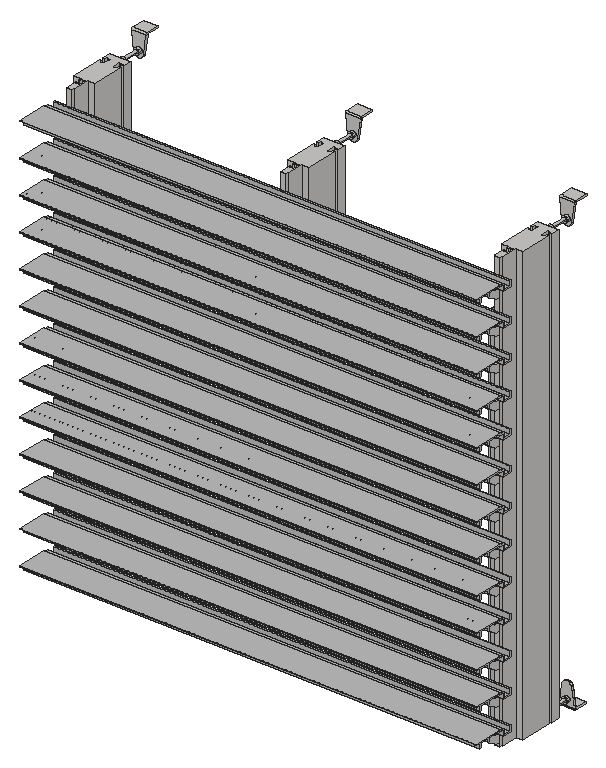
Revit family "Window_Shade-Draper-FlexLouver_Rack_Arm_System-Square", category Specialty Equipment, Revit 2013
Parameters (values of type "Not a Type - Load Type Catalog")
  LF Lcoation [instance] = (Height - Louver Location - 2 3/64") / (Louver Array - 1)  # 2 159/256"
  Width Constraint [instance] = if(and([50A Louver], Width > 180"), 180", if(and([80R Louver], Width > 196"), 196", if(or(and([75E Louver], [88E Louver]), Width > 240"), 240", Width)))  # 36"
  Width [instance] = 36"
  URL = "http://www.draperinc.com/index.asp"
  Standard Rack Arm Array [instance] = if(Width < 35 1/2", 2, if(and(Width > 35 1/2", Width < 70 1/2"), 3, if(and(Width > 70 1/2", Width < 105 1/2"), 4, if(and(Width > 105 1/2", Width < 140 1/2"), 5, if(Width > 140 1/2", 6, 2)))))  # 3
  Standard Rack Arm = no
  Rack Arms = Metal - Draper - Aluminum
  Product Page URL = "http://www.draperinc.com/SolarControlSolutions/solarProducts.asp?detail=238"
  Product Name = "FlexLouver Rack Arm System"  # constant formula
  Motorized Operation = no
  Model = "Square Rack Arm System"  # constant formula
  Material = ""
  Manufacturer = "Draper"  # constant formula
  Manual Operation = yes
  Louver Width = if([50A Louver], 1 15/16", if([75E Louver], 2 11/16", if([80R Louver], 3 1/8", if([88E Louver], 3 3/8", 1 15/16"))))  # 3 3/8"
  Louver Rotation [instance] = if(Open, 90.00°, 0.00°)  # 90.00°
  Louver Location = if([50A Louver], 1 3/4", if([75E Louver], 2 1/2", if([80R Louver], 2 1/4", if([88E Louver], 2 1/2", 2 1/2"))))  # 2 1/2"
  Louver Finish Note = "The 50A Louvers and 80R Louvers are available in the Silver or White Finish.  The 75E Louvers and 88E Louvers are available in the Natural Anodized or RAL Finish."  # constant formula
  Louver Bracket Location = if(Standard Rack Arm, 1 31/32", if(Heavy Duty Rack Arm, 4 1/4", if(Box Rack Arm, 5 1/16", 1 31/32")))  # 5 1/16"
  Louver Array 2 [instance] = Louver Array - 1  # 12
  Louver Array [instance] = (Height - 2 13/256" - Louver Location) / Louver Location  # 13
  Louver = Metal - Draper -Aluminum - Silver
  Open [instance] = yes
  LI Location = if([50A Louver], 1 15/16", if([75E Louver], 2 15/16", if([80R Louver], 3 1/8", if([88E Louver], 3 3/8", 1 15/16"))))  # 3 3/8"
  Height Constraint [instance] = if(and([50A Louver], Height > 240"), 240", if(and([80R Louver], Open, Height > 236"), 236", if(and([80R Louver], Closed, Height > 196"), 196", if(or(and([75E Louver], [88E Louver]), Height > 180"), 180", Height))))  # 36"
  Height [instance] = 36"
  Heavy Duty Rack Arm = no
  Closed [instance] = not(Open)  # no
  Description = "Non-Retractable Louver System"  # constant formula
  Box Rack Arm = yes
  88E Louver = yes
  80R Louver = no
  75E Louver = no
  50A Louver = no
Reference planes (in)
  plane 1 "Center (Front/Back)": y = 0
  plane 2: z = 0
  plane 3 "Center (Left/Right)": x = 0
  plane 4 "Left": x = -16.88618
  plane 5 "Right": x = 16.88618
  plane 6 "Back": y = 3
  plane 7 "Top": z = 36
  plane 8: z = 18
  plane 9: y = 1.8189
  plane 10: x = -17.46875
  plane 11: x = -16.3036
  plane 12: x = 17.46875
  plane 13: x = 16.3036
  plane 14: x = -18
  plane 15: x = 18
  plane 16: z = 1.38
  plane 17: z = 34.62205
  plane 18: y = -3.21216
  plane 19: z = 2.05073
  plane 20: y = -5.0625
  plane 21: y = -6.78125
  plane 22: x = -17.04243
  plane 23: x = 16.72993
  plane 24: z = 0.625
  plane 25: z = 33.5
  plane 26: z = 4.56285
  plane 27: z = 30.87891
Lines and regions (in)
  Masking region 1
    outline origin (0, 0, 0) x (1, 0, 0) y (0, 1, 0)
      loop
        line (-17.46875, 3) -> (-17.46875, 1.8189) -> (-16.3036, 1.8189) -> (-16.3036, 3) -> (-17.46875, 3)
  Masking region 2
    outline origin (0, 0, 0) x (1, 0, 0) y (0, 1, 0)
      loop
        line (-17.11055, 1.8189) -> (-17.11055, 1.57694) -> (-16.99637, 1.57694) -> (-16.99637, 0.25196) -> (-17.11055, 0.25196) -> (-17.11055, 0) -> (-16.6618, 0) -> (-16.6618, 0.25196) -> (-16.77598, 0.25196) -> (-16.77598, 1.57694) -> (-16.6618, 1.57694) -> (-16.6618, 1.8189) -> (-17.11055, 1.8189)
  Masking region 3, visible <- "Heavy Duty Rack Arm"
    outline origin (0, 0, 0) x (1, 0, 0) y (0, 1, 0)
      loop
        line (-17.30893, -0.0961) -> (-17.30893, -0.46243) -> (-16.93651, -0.46243) -> (-16.93651, -2.27297) -> (-17.43651, -2.27297) -> (-17.43651, -2.37847) -> (-16.93651, -2.37847) -> (-16.93651, -2.75313) -> (-17.11456, -2.75313) -> (-17.11456, -2.97103) -> (-17.01098, -2.97103) -> (-17.01098, -2.83465) -> (-16.74203, -2.83465) -> (-16.74203, -3.39843) -> (-17.01098, -3.39843) -> (-17.01098, -3.28893) -> (-17.11456, -3.28893) -> (-17.11456, -4.11946) -> (-17.06277, -4.11946) -> (-17.06277, -4.24036) -> (-16.68551, -4.24036) -> (-16.68551, -4.0341) -> (-16.629, -4.0341) -> (-16.629, -2.75313) -> (-16.83584, -2.75313) -> (-16.83584, -2.37847) -> (-16.33584, -2.37847) -> (-16.33584, -2.27297) -> (-16.83584, -2.27297) -> (-16.83584, -0.46243) -> (-16.46342, -0.46243) -> (-16.46342, -0.0961) -> (-16.36355, -0.0961) -> (-16.36355, 0) -> (-17.4088, 0) -> (-17.4088, -0.0961) -> (-17.30893, -0.0961)
  Masking region 4, visible <- "Standard Rack Arm"
    outline origin (0, 0, 0) x (1, 0, 0) y (0, 1, 0)
      loop
        line (-16.46342, -0.46243) -> (-16.46342, -0.0961) -> (-16.36355, -0.0961) -> (-16.36355, 0) -> (-17.4088, 0) -> (-17.4088, -0.0961) -> (-17.30893, -0.0961) -> (-17.30893, -0.46243) -> (-17.11456, -0.46243) -> (-17.11456, -0.68033) -> (-17.01098, -0.68033) -> (-17.01098, -0.54395) -> (-16.74203, -0.54395) -> (-16.74203, -1.10773) -> (-17.01098, -1.10773) -> (-17.01098, -0.99823) -> (-17.11456, -0.99823) -> (-17.11456, -1.84864) -> (-17.06277, -1.84864) -> (-17.06277, -1.97364) -> (-16.68965, -1.97364) -> (-16.68965, -1.7434) -> (-16.629, -1.7434) -> (-16.629, -0.46243) -> (-16.46342, -0.46243)
  Masking region 5, visible <- "Box Rack Arm"
    outline origin (0, 0, 0) x (1, 0, 0) y (0, 1, 0)
      loop
        line (-16.06964, -0.71453) -> (-16.06964, 0) -> (-17.70271, 0) -> (-17.70271, -0.71453) -> (-17.52283, -0.71453) -> (-17.52283, -0.59319) -> (-17.27283, -0.59319) -> (-17.27283, -1.1318) -> (-17.54509, -1.1318) -> (-17.54509, -1.01365) -> (-17.70271, -1.01365) -> (-17.70271, -3.58367) -> (-17.11456, -3.58367) -> (-17.11456, -3.80157) -> (-17.01098, -3.80157) -> (-17.01098, -3.66518) -> (-16.74203, -3.66518) -> (-16.74203, -4.22896) -> (-17.01098, -4.22896) -> (-17.01098, -4.11946) -> (-17.11456, -4.11946) -> (-17.11456, -4.96987) -> (-17.06277, -4.96987) -> (-17.06277, -5.0709) -> (-16.68551, -5.0709) -> (-16.68551, -4.86464) -> (-16.629, -4.86464) -> (-16.629, -3.58367) -> (-16.06964, -3.58367) -> (-16.06964, -1.01365) -> (-16.22726, -1.01365) -> (-16.22726, -1.1318) -> (-16.49952, -1.1318) -> (-16.49952, -0.59319) -> (-16.24952, -0.59319) -> (-16.24952, -0.71453) -> (-16.06964, -0.71453)
  Masking region 6
    outline origin (33.77235, 0, 0) x (1, 0, 0) y (0, 1, 0)
      loop
        line (-17.46875, 3) -> (-17.46875, 1.8189) -> (-16.3036, 1.8189) -> (-16.3036, 3) -> (-17.46875, 3)
  Masking region 7
    outline origin (33.77235, 0, 0) x (1, 0, 0) y (0, 1, 0)
      loop
        line (-17.11055, 1.8189) -> (-17.11055, 1.57694) -> (-16.99637, 1.57694) -> (-16.99637, 0.25196) -> (-17.11055, 0.25196) -> (-17.11055, 0) -> (-16.6618, 0) -> (-16.6618, 0.25196) -> (-16.77598, 0.25196) -> (-16.77598, 1.57694) -> (-16.6618, 1.57694) -> (-16.6618, 1.8189) -> (-17.11055, 1.8189)
  Masking region 8, visible <- "Heavy Duty Rack Arm"
    outline origin (33.77235, 0, 0) x (1, 0, 0) y (0, 1, 0)
      loop
        line (-17.30893, -0.0961) -> (-17.30893, -0.46243) -> (-16.93651, -0.46243) -> (-16.93651, -2.27297) -> (-17.43651, -2.27297) -> (-17.43651, -2.37847) -> (-16.93651, -2.37847) -> (-16.93651, -2.75313) -> (-17.11456, -2.75313) -> (-17.11456, -2.97103) -> (-17.01098, -2.97103) -> (-17.01098, -2.83465) -> (-16.74203, -2.83465) -> (-16.74203, -3.39843) -> (-17.01098, -3.39843) -> (-17.01098, -3.28893) -> (-17.11456, -3.28893) -> (-17.11456, -4.11946) -> (-17.06277, -4.11946) -> (-17.06277, -4.24036) -> (-16.68551, -4.24036) -> (-16.68551, -4.0341) -> (-16.629, -4.0341) -> (-16.629, -2.75313) -> (-16.83584, -2.75313) -> (-16.83584, -2.37847) -> (-16.33584, -2.37847) -> (-16.33584, -2.27297) -> (-16.83584, -2.27297) -> (-16.83584, -0.46243) -> (-16.46342, -0.46243) -> (-16.46342, -0.0961) -> (-16.36355, -0.0961) -> (-16.36355, 0) -> (-17.4088, 0) -> (-17.4088, -0.0961) -> (-17.30893, -0.0961)
  Masking region 9, visible <- "Standard Rack Arm"
    outline origin (33.77235, 0, 0) x (1, 0, 0) y (0, 1, 0)
      loop
        line (-16.46342, -0.46243) -> (-16.46342, -0.0961) -> (-16.36355, -0.0961) -> (-16.36355, 0) -> (-17.4088, 0) -> (-17.4088, -0.0961) -> (-17.30893, -0.0961) -> (-17.30893, -0.46243) -> (-17.11456, -0.46243) -> (-17.11456, -0.68033) -> (-17.01098, -0.68033) -> (-17.01098, -0.54395) -> (-16.74203, -0.54395) -> (-16.74203, -1.10773) -> (-17.01098, -1.10773) -> (-17.01098, -0.99823) -> (-17.11456, -0.99823) -> (-17.11456, -1.84864) -> (-17.06277, -1.84864) -> (-17.06277, -1.97364) -> (-16.68965, -1.97364) -> (-16.68965, -1.7434) -> (-16.629, -1.7434) -> (-16.629, -0.46243) -> (-16.46342, -0.46243)
  Masking region 10, visible <- "Box Rack Arm"
    outline origin (33.77235, 0, 0) x (1, 0, 0) y (0, 1, 0)
      loop
        line (-16.06964, -0.71453) -> (-16.06964, 0) -> (-17.70271, 0) -> (-17.70271, -0.71453) -> (-17.52283, -0.71453) -> (-17.52283, -0.59319) -> (-17.27283, -0.59319) -> (-17.27283, -1.1318) -> (-17.54509, -1.1318) -> (-17.54509, -1.01365) -> (-17.70271, -1.01365) -> (-17.70271, -3.58367) -> (-17.11456, -3.58367) -> (-17.11456, -3.80157) -> (-17.01098, -3.80157) -> (-17.01098, -3.66518) -> (-16.74203, -3.66518) -> (-16.74203, -4.22896) -> (-17.01098, -4.22896) -> (-17.01098, -4.11946) -> (-17.11456, -4.11946) -> (-17.11456, -4.96987) -> (-17.06277, -4.96987) -> (-17.06277, -5.0709) -> (-16.68551, -5.0709) -> (-16.68551, -4.86464) -> (-16.629, -4.86464) -> (-16.629, -3.58367) -> (-16.06964, -3.58367) -> (-16.06964, -1.01365) -> (-16.22726, -1.01365) -> (-16.22726, -1.1318) -> (-16.49952, -1.1318) -> (-16.49952, -0.59319) -> (-16.24952, -0.59319) -> (-16.24952, -0.71453) -> (-16.06964, -0.71453)
  Masking region 11
    outline origin (16.88618, 0, 0) x (1, 0, 0) y (0, 1, 0)
      loop
        line (-17.46875, 3) -> (-17.46875, 1.8189) -> (-16.3036, 1.8189) -> (-16.3036, 3) -> (-17.46875, 3)
  Masking region 12
    outline origin (16.88618, 0, 0) x (1, 0, 0) y (0, 1, 0)
      loop
        line (-17.11055, 1.8189) -> (-17.11055, 1.57694) -> (-16.99637, 1.57694) -> (-16.99637, 0.25196) -> (-17.11055, 0.25196) -> (-17.11055, 0) -> (-16.6618, 0) -> (-16.6618, 0.25196) -> (-16.77598, 0.25196) -> (-16.77598, 1.57694) -> (-16.6618, 1.57694) -> (-16.6618, 1.8189) -> (-17.11055, 1.8189)
  Masking region 13, visible <- "Heavy Duty Rack Arm"
    outline origin (16.88618, 0, 0) x (1, 0, 0) y (0, 1, 0)
      loop
        line (-17.30893, -0.0961) -> (-17.30893, -0.46243) -> (-16.93651, -0.46243) -> (-16.93651, -2.27297) -> (-17.43651, -2.27297) -> (-17.43651, -2.37847) -> (-16.93651, -2.37847) -> (-16.93651, -2.75313) -> (-17.11456, -2.75313) -> (-17.11456, -2.97103) -> (-17.01098, -2.97103) -> (-17.01098, -2.83465) -> (-16.74203, -2.83465) -> (-16.74203, -3.39843) -> (-17.01098, -3.39843) -> (-17.01098, -3.28893) -> (-17.11456, -3.28893) -> (-17.11456, -4.11946) -> (-17.06277, -4.11946) -> (-17.06277, -4.24036) -> (-16.68551, -4.24036) -> (-16.68551, -4.0341) -> (-16.629, -4.0341) -> (-16.629, -2.75313) -> (-16.83584, -2.75313) -> (-16.83584, -2.37847) -> (-16.33584, -2.37847) -> (-16.33584, -2.27297) -> (-16.83584, -2.27297) -> (-16.83584, -0.46243) -> (-16.46342, -0.46243) -> (-16.46342, -0.0961) -> (-16.36355, -0.0961) -> (-16.36355, 0) -> (-17.4088, 0) -> (-17.4088, -0.0961) -> (-17.30893, -0.0961)
  Masking region 14, visible <- "Standard Rack Arm"
    outline origin (16.88618, 0, 0) x (1, 0, 0) y (0, 1, 0)
      loop
        line (-16.46342, -0.46243) -> (-16.46342, -0.0961) -> (-16.36355, -0.0961) -> (-16.36355, 0) -> (-17.4088, 0) -> (-17.4088, -0.0961) -> (-17.30893, -0.0961) -> (-17.30893, -0.46243) -> (-17.11456, -0.46243) -> (-17.11456, -0.68033) -> (-17.01098, -0.68033) -> (-17.01098, -0.54395) -> (-16.74203, -0.54395) -> (-16.74203, -1.10773) -> (-17.01098, -1.10773) -> (-17.01098, -0.99823) -> (-17.11456, -0.99823) -> (-17.11456, -1.84864) -> (-17.06277, -1.84864) -> (-17.06277, -1.97364) -> (-16.68965, -1.97364) -> (-16.68965, -1.7434) -> (-16.629, -1.7434) -> (-16.629, -0.46243) -> (-16.46342, -0.46243)
  Masking region 15, visible <- "Box Rack Arm"
    outline origin (16.88618, 0, 0) x (1, 0, 0) y (0, 1, 0)
      loop
        line (-16.06964, -0.71453) -> (-16.06964, 0) -> (-17.70271, 0) -> (-17.70271, -0.71453) -> (-17.52283, -0.71453) -> (-17.52283, -0.59319) -> (-17.27283, -0.59319) -> (-17.27283, -1.1318) -> (-17.54509, -1.1318) -> (-17.54509, -1.01365) -> (-17.70271, -1.01365) -> (-17.70271, -3.58367) -> (-17.11456, -3.58367) -> (-17.11456, -3.80157) -> (-17.01098, -3.80157) -> (-17.01098, -3.66518) -> (-16.74203, -3.66518) -> (-16.74203, -4.22896) -> (-17.01098, -4.22896) -> (-17.01098, -4.11946) -> (-17.11456, -4.11946) -> (-17.11456, -4.96987) -> (-17.06277, -4.96987) -> (-17.06277, -5.0709) -> (-16.68551, -5.0709) -> (-16.68551, -4.86464) -> (-16.629, -4.86464) -> (-16.629, -3.58367) -> (-16.06964, -3.58367) -> (-16.06964, -1.01365) -> (-16.22726, -1.01365) -> (-16.22726, -1.1318) -> (-16.49952, -1.1318) -> (-16.49952, -0.59319) -> (-16.24952, -0.59319) -> (-16.24952, -0.71453) -> (-16.06964, -0.71453)
  Masking region 16
    outline origin (-0.00071, 0, 0) x (1, 0, 0) y (0, 1, 0)
      loop
        line (-17.04172, -5.81312) -> (-16.77719, -5.81312) -> (-16.72993, -5.0625) -> (-17.04172, -5.0625) -> (-17.04172, -5.81312)
  Masking region 17
    outline origin (33.77164, 0, 0) x (1, 0, 0) y (0, 1, 0)
      loop
        line (-17.04172, -5.81312) -> (-16.77719, -5.81312) -> (-16.72993, -5.0625) -> (-17.04172, -5.0625) -> (-17.04172, -5.81312)
  Masking region 18
    outline origin (16.88547, 0, 0) x (1, 0, 0) y (0, 1, 0)
      loop
        line (-17.04172, -5.81312) -> (-16.77719, -5.81312) -> (-16.72993, -5.0625) -> (-17.04172, -5.0625) -> (-17.04172, -5.81312)
  Masking region 19
    outline origin (0, 0, 0) x (1, 0, 0) y (0, 1, 0)
      loop
        line (-18, -5.09375) -> (-18, -8.46875) -> (18, -8.46875) -> (18, -5.09375) -> (-18, -5.09375)
Dimensions and locks (in)
  "Height Constraint": plane 7 "Top" to plane 2
  equal spacing: plane 7 "Top", plane 8, plane 2
  plane 6 "Back" to plane 9 to plane 1 "Center (Front/Back)" = 1.1811" locked, 1.8189" locked
  plane 10 to plane 4 "Left" to plane 11 = 0.58257" locked, 0.58257" locked
  plane 13 to plane 5 "Right" to plane 12 = 0.58257" locked, 0.58257" locked
  locked: plane 14 to plane 10 at 0.53125
  locked: plane 12 to plane 15 at 0.53125
  "Width Constraint": plane 14 to plane 15
  equal spacing: plane 14, plane 3 "Center (Left/Right)", plane 15
  locked: plane 16 to plane 2 at 1.38
  locked: plane 1 "Center (Front/Back)" to plane 18 at 3.21216
  locked: plane 16 to plane 19 at 0.67073
  "Louver Bracket Location": plane 1 "Center (Front/Back)" to plane 20
  locked: plane 20 to plane 21 at 1.71875
  locked: Masking region 1 sketch curve to Masking region 1 sketch curve at 1.16515
  locked: Masking region 1 sketch curve to Masking region 1 sketch curve at 1.1811
  locked: Masking region 6 sketch curve to Masking region 6 sketch curve at 1.16515
  locked: Masking region 6 sketch curve to Masking region 6 sketch curve at 1.1811
  equal spacing: group 1, group 3, group 2  (x3)
  locked: Masking region 11 sketch curve to Masking region 11 sketch curve at 1.16515
  locked: Masking region 11 sketch curve to Masking region 11 sketch curve at 1.1811
  equal spacing: group 4, group 6, group 5  (x3)
  equal spacing: Masking region 19 sketch curve, plane 21, Masking region 19 sketch curve
  "Louver Width": Masking region 19 sketch curve to Masking region 19 sketch curve
  plane 14 to plane 10 = 17/32"
  plane 10 to plane 4 "Left" = 0.58257"
  plane 13 to plane 15 = 1.6964"
  plane 13 to plane 5 "Right" = 0.58257"
  locked: plane 10 to plane 22 at 0.42632
  locked: plane 13 to plane 23 at 0.42632
  locked: plane 24 to plane 2 at 0.625
  equal spacing: group 7, group 9, group 8  (x3)
  "Louver Location": plane 7 "Top" to plane 25
  plane 2 to plane 19 = 2.05073"
  equal spacing: group 10, group 12, group 13, group 14, group 15, group 16, group 17, group 18, group 19, group 20, group 21, group 11  (x3)
  "LF Lcoation": plane 25 to plane 27
  equal spacing: group 22, group 24, group 23  (x3)
  aligned and locked: level to plane 2
  aligned and locked: plane 20 to Masking region 16
  aligned and locked: plane 20 to Masking region 17
  aligned and locked: Masking region 19 sketch curve to plane 15
  aligned and locked: plane 14 to Masking region 19 sketch curve
  aligned and locked: plane 10 to Masking region 1
  aligned and locked: plane 12 to Masking region 6
  aligned and locked: plane 22 to Masking region 16
  aligned and locked: plane 23 to Masking region 17
  aligned and locked: nested 1 to plane 1 "Center (Front/Back)"
  aligned and locked: nested 1 to plane 4 "Left"
  aligned and locked: nested 2 to plane 1 "Center (Front/Back)"
  aligned and locked: plane 2 to nested 2
  aligned and locked: nested 2 to plane 4 "Left"
  aligned and locked: nested 3 to plane 5 "Right"
  aligned and locked: plane 3 "Center (Left/Right)" to nested 5
  aligned and locked: plane 21 to nested 5
  aligned and locked: nested 5 to plane 19
  aligned and locked: plane 21 to nested 6
  aligned and locked: plane 27 to nested 6
  aligned and locked: plane 25 to nested 17
  aligned and locked: plane 21 to nested 17
  aligned and locked: plane 3 "Center (Left/Right)" to nested 17
  aligned and locked: nested 18 to plane 5 "Right"
  aligned and locked: plane 2 to nested 18
Automatic sketch dimensions
  Masking region 2 sketch curve to Masking region 2 sketch curve = 0.11418"  (x3)
  Masking region 2 sketch curve to Masking region 2 sketch curve = 0"  (x2)
  Masking region 2 sketch curve to Masking region 2 sketch curve = 0.24196"  (x2)
  Masking region 2 sketch curve to Masking region 2 sketch curve = 0.22039"
  Masking region 2 sketch curve to Masking region 2 sketch curve = 0.25196"
  Masking region 2 sketch curve to Masking region 2 sketch curve = 1.32498"
  Masking region 3 sketch curve to Masking region 3 sketch curve = 0.02771"
  Masking region 3 sketch curve to Masking region 3 sketch curve = 0.09987"  (x2)
  Masking region 3 sketch curve to Masking region 3 sketch curve = 0.32195"
  Masking region 3 sketch curve to Masking region 3 sketch curve = 0"  (x3)
  Masking region 3 sketch curve to Masking region 3 sketch curve = 0.05179"
  Masking region 3 sketch curve to Masking region 3 sketch curve = 0.10358"  (x2)
  Masking region 3 sketch curve to Masking region 3 sketch curve = 0.37242"  (x2)
  Masking region 3 sketch curve to Masking region 3 sketch curve = 0.07448"
  Masking region 3 sketch curve to Masking region 3 sketch curve = 0.10066"  (x2)
  Masking region 3 sketch curve to Masking region 3 sketch curve = 0.09381"
  Masking region 3 sketch curve to Masking region 3 sketch curve = 0.37726"
  Masking region 3 sketch curve to Masking region 3 sketch curve = 0.05652"
  Masking region 3 sketch curve to Masking region 3 sketch curve = 0.29315"
  Masking region 3 sketch curve to Masking region 3 sketch curve = 0.1209"
  Masking region 3 sketch curve to Masking region 3 sketch curve = 0.20626"
  Masking region 3 sketch curve to Masking region 3 sketch curve = 0.63568"
  Masking region 3 sketch curve to Masking region 3 sketch curve = 0.1095"
  Masking region 3 sketch curve to Masking region 3 sketch curve = 0.3179"
  Masking region 3 sketch curve to Masking region 3 sketch curve = 0.13639"
  Masking region 3 sketch curve to Masking region 3 sketch curve = 0.08151"  (x2)
  Masking region 3 sketch curve to Masking region 3 sketch curve = 0.37466"  (x2)
  Masking region 3 sketch curve to Masking region 3 sketch curve = 0.1055"
  Masking region 3 sketch curve to Masking region 3 sketch curve = 1.81054"
  Masking region 3 sketch curve to Masking region 3 sketch curve = 0.36633"  (x2)
  Masking region 3 sketch curve to Masking region 3 sketch curve = 0.0961"
  Masking region 4 sketch curve to Masking region 4 sketch curve = 0.09987"  (x2)
  Masking region 4 sketch curve to Masking region 4 sketch curve = 0.19437"  (x2)
  Masking region 4 sketch curve to Masking region 4 sketch curve = 0.05179"
  Masking region 4 sketch curve to Masking region 4 sketch curve = 0.10358"  (x2)
  Masking region 4 sketch curve to Masking region 4 sketch curve = 0.26895"
  Masking region 4 sketch curve to Masking region 4 sketch curve = 0.37313"
  Masking region 4 sketch curve to Masking region 4 sketch curve = 0.11304"
  Masking region 4 sketch curve to Masking region 4 sketch curve = 0.16558"
  Masking region 4 sketch curve to Masking region 4 sketch curve = 1/8"
  Masking region 4 sketch curve to Masking region 4 sketch curve = 0.23023"
  Masking region 4 sketch curve to Masking region 4 sketch curve = 0.63568"
  Masking region 4 sketch curve to Masking region 4 sketch curve = 0.1095"
  Masking region 4 sketch curve to Masking region 4 sketch curve = 0.3179"
  Masking region 4 sketch curve to Masking region 4 sketch curve = 0.13639"
  Masking region 4 sketch curve to Masking region 4 sketch curve = 0.08151"  (x2)
  Masking region 4 sketch curve to Masking region 4 sketch curve = 0.36633"  (x2)
  Masking region 4 sketch curve to Masking region 4 sketch curve = 0.0961"
  Masking region 5 sketch curve to Masking region 5 sketch curve = 0.05179"
  Masking region 5 sketch curve to Masking region 5 sketch curve = 0.10358"  (x2)
  Masking region 5 sketch curve to Masking region 5 sketch curve = 0.11304"
  Masking region 5 sketch curve to Masking region 5 sketch curve = 0.15762"  (x2)
  Masking region 5 sketch curve to Masking region 5 sketch curve = 0.63568"
  Masking region 5 sketch curve to Masking region 5 sketch curve = 0.1095"
  Masking region 5 sketch curve to Masking region 5 sketch curve = 0.3179"
  Masking region 5 sketch curve to Masking region 5 sketch curve = 0.13639"
  Masking region 5 sketch curve to Masking region 5 sketch curve = 0.08151"  (x2)
  Masking region 5 sketch curve to Masking region 5 sketch curve = 0"  (x3)
  Masking region 5 sketch curve to Masking region 5 sketch curve = 0.11814"  (x2)
  Masking region 5 sketch curve to Masking region 5 sketch curve = 0.29913"  (x2)
  Masking region 5 sketch curve to Masking region 5 sketch curve = 0.12133"  (x2)
  Masking region 5 sketch curve to Masking region 5 sketch curve = 0.17988"  (x2)
  Masking region 5 sketch curve to Masking region 5 sketch curve = 0.27226"  (x2)
  Masking region 5 sketch curve to Masking region 5 sketch curve = 0.58815"
  Masking region 5 sketch curve to Masking region 5 sketch curve = 0.26895"
  Masking region 5 sketch curve to Masking region 5 sketch curve = 0.05652"
  Masking region 5 sketch curve to Masking region 5 sketch curve = 0.77331"
  Masking region 5 sketch curve to Masking region 5 sketch curve = 1/4"
  Masking region 5 sketch curve to Masking region 5 sketch curve = 0.10102"
  Masking region 5 sketch curve to Masking region 5 sketch curve = 0.20626"
  Masking region 5 sketch curve to Masking region 5 sketch curve = 2.45187"
  Masking region 5 sketch curve to Masking region 5 sketch curve = 0.59319"
  Masking region 7 sketch curve to Masking region 7 sketch curve = 0.11418"  (x3)
  Masking region 7 sketch curve to Masking region 7 sketch curve = 0"  (x2)
  Masking region 7 sketch curve to Masking region 7 sketch curve = 0.24196"  (x2)
  Masking region 7 sketch curve to Masking region 7 sketch curve = 0.22039"
  Masking region 7 sketch curve to Masking region 7 sketch curve = 0.25196"
  Masking region 7 sketch curve to Masking region 7 sketch curve = 1.32498"
  Masking region 8 sketch curve to Masking region 8 sketch curve = 0.02771"
  Masking region 8 sketch curve to Masking region 8 sketch curve = 0.09987"  (x2)
  Masking region 8 sketch curve to Masking region 8 sketch curve = 0.32195"
  Masking region 8 sketch curve to Masking region 8 sketch curve = 0"  (x3)
  Masking region 8 sketch curve to Masking region 8 sketch curve = 0.05179"
  Masking region 8 sketch curve to Masking region 8 sketch curve = 0.10358"  (x2)
  Masking region 8 sketch curve to Masking region 8 sketch curve = 0.37242"  (x2)
  Masking region 8 sketch curve to Masking region 8 sketch curve = 0.07448"
  Masking region 8 sketch curve to Masking region 8 sketch curve = 0.10066"  (x2)
  Masking region 8 sketch curve to Masking region 8 sketch curve = 0.09381"
  Masking region 8 sketch curve to Masking region 8 sketch curve = 0.37726"
  Masking region 8 sketch curve to Masking region 8 sketch curve = 0.05652"
  Masking region 8 sketch curve to Masking region 8 sketch curve = 0.29315"
  Masking region 8 sketch curve to Masking region 8 sketch curve = 0.1209"
  Masking region 8 sketch curve to Masking region 8 sketch curve = 0.20626"
  Masking region 8 sketch curve to Masking region 8 sketch curve = 0.63568"
  Masking region 8 sketch curve to Masking region 8 sketch curve = 0.1095"
  Masking region 8 sketch curve to Masking region 8 sketch curve = 0.3179"
  Masking region 8 sketch curve to Masking region 8 sketch curve = 0.13639"
  Masking region 8 sketch curve to Masking region 8 sketch curve = 0.08151"  (x2)
  Masking region 8 sketch curve to Masking region 8 sketch curve = 0.37466"  (x2)
  Masking region 8 sketch curve to Masking region 8 sketch curve = 0.1055"
  Masking region 8 sketch curve to Masking region 8 sketch curve = 1.81054"
  Masking region 8 sketch curve to Masking region 8 sketch curve = 0.36633"  (x2)
  Masking region 8 sketch curve to Masking region 8 sketch curve = 0.0961"
  Masking region 9 sketch curve to Masking region 9 sketch curve = 0.09987"  (x2)
  Masking region 9 sketch curve to Masking region 9 sketch curve = 0.19437"  (x2)
  Masking region 9 sketch curve to Masking region 9 sketch curve = 0.05179"
  Masking region 9 sketch curve to Masking region 9 sketch curve = 0.10358"  (x2)
  Masking region 9 sketch curve to Masking region 9 sketch curve = 0.26895"
  Masking region 9 sketch curve to Masking region 9 sketch curve = 0.37313"
  Masking region 9 sketch curve to Masking region 9 sketch curve = 0.11304"
  Masking region 9 sketch curve to Masking region 9 sketch curve = 0.16558"
  Masking region 9 sketch curve to Masking region 9 sketch curve = 1/8"
  Masking region 9 sketch curve to Masking region 9 sketch curve = 0.23023"
  Masking region 9 sketch curve to Masking region 9 sketch curve = 0.63568"
  Masking region 9 sketch curve to Masking region 9 sketch curve = 0.1095"
  Masking region 9 sketch curve to Masking region 9 sketch curve = 0.3179"
  Masking region 9 sketch curve to Masking region 9 sketch curve = 0.13639"
  Masking region 9 sketch curve to Masking region 9 sketch curve = 0.08151"  (x2)
  Masking region 9 sketch curve to Masking region 9 sketch curve = 0.36633"  (x2)
  Masking region 9 sketch curve to Masking region 9 sketch curve = 0.0961"
  Masking region 10 sketch curve to Masking region 10 sketch curve = 0.05179"
  Masking region 10 sketch curve to Masking region 10 sketch curve = 0.10358"  (x2)
  Masking region 10 sketch curve to Masking region 10 sketch curve = 0.11304"
  Masking region 10 sketch curve to Masking region 10 sketch curve = 0.15762"  (x2)
  Masking region 10 sketch curve to Masking region 10 sketch curve = 0.63568"
  Masking region 10 sketch curve to Masking region 10 sketch curve = 0.1095"
  Masking region 10 sketch curve to Masking region 10 sketch curve = 0.3179"
  Masking region 10 sketch curve to Masking region 10 sketch curve = 0.13639"
  Masking region 10 sketch curve to Masking region 10 sketch curve = 0.08151"  (x2)
  Masking region 10 sketch curve to Masking region 10 sketch curve = 0"  (x3)
  Masking region 10 sketch curve to Masking region 10 sketch curve = 0.11814"  (x2)
  Masking region 10 sketch curve to Masking region 10 sketch curve = 0.29913"  (x2)
  Masking region 10 sketch curve to Masking region 10 sketch curve = 0.12133"  (x2)
  Masking region 10 sketch curve to Masking region 10 sketch curve = 0.17988"  (x2)
  Masking region 10 sketch curve to Masking region 10 sketch curve = 0.27226"  (x2)
  Masking region 10 sketch curve to Masking region 10 sketch curve = 0.58815"
  Masking region 10 sketch curve to Masking region 10 sketch curve = 0.26895"
  Masking region 10 sketch curve to Masking region 10 sketch curve = 0.05652"
  Masking region 10 sketch curve to Masking region 10 sketch curve = 0.77331"
  Masking region 10 sketch curve to Masking region 10 sketch curve = 1/4"
  Masking region 10 sketch curve to Masking region 10 sketch curve = 0.10102"
  Masking region 10 sketch curve to Masking region 10 sketch curve = 0.20626"
  Masking region 10 sketch curve to Masking region 10 sketch curve = 2.45187"
  Masking region 10 sketch curve to Masking region 10 sketch curve = 0.59319"
  Masking region 12 sketch curve to Masking region 12 sketch curve = 0.11418"  (x3)
  Masking region 12 sketch curve to Masking region 12 sketch curve = 0"  (x2)
  Masking region 12 sketch curve to Masking region 12 sketch curve = 0.24196"  (x2)
  Masking region 12 sketch curve to Masking region 12 sketch curve = 0.22039"
  Masking region 12 sketch curve to Masking region 12 sketch curve = 0.25196"
  Masking region 12 sketch curve to Masking region 12 sketch curve = 1.32498"
  Masking region 13 sketch curve to Masking region 13 sketch curve = 0.02771"
  Masking region 13 sketch curve to Masking region 13 sketch curve = 0.09987"  (x2)
  Masking region 13 sketch curve to Masking region 13 sketch curve = 0.32195"
  Masking region 13 sketch curve to Masking region 13 sketch curve = 0"  (x3)
  Masking region 13 sketch curve to Masking region 13 sketch curve = 0.05179"
  Masking region 13 sketch curve to Masking region 13 sketch curve = 0.10358"  (x2)
  Masking region 13 sketch curve to Masking region 13 sketch curve = 0.37242"  (x2)
  Masking region 13 sketch curve to Masking region 13 sketch curve = 0.07448"
  Masking region 13 sketch curve to Masking region 13 sketch curve = 0.10066"  (x2)
  Masking region 13 sketch curve to Masking region 13 sketch curve = 0.09381"
  Masking region 13 sketch curve to Masking region 13 sketch curve = 0.37726"
  Masking region 13 sketch curve to Masking region 13 sketch curve = 0.05652"
  Masking region 13 sketch curve to Masking region 13 sketch curve = 0.29315"
  Masking region 13 sketch curve to Masking region 13 sketch curve = 0.1209"
  Masking region 13 sketch curve to Masking region 13 sketch curve = 0.20626"
  Masking region 13 sketch curve to Masking region 13 sketch curve = 0.63568"
  Masking region 13 sketch curve to Masking region 13 sketch curve = 0.1095"
  Masking region 13 sketch curve to Masking region 13 sketch curve = 0.3179"
  Masking region 13 sketch curve to Masking region 13 sketch curve = 0.13639"
  Masking region 13 sketch curve to Masking region 13 sketch curve = 0.08151"  (x2)
  Masking region 13 sketch curve to Masking region 13 sketch curve = 0.37466"  (x2)
  Masking region 13 sketch curve to Masking region 13 sketch curve = 0.1055"
  Masking region 13 sketch curve to Masking region 13 sketch curve = 1.81054"
  Masking region 13 sketch curve to Masking region 13 sketch curve = 0.36633"  (x2)
  Masking region 13 sketch curve to Masking region 13 sketch curve = 0.0961"
  Masking region 14 sketch curve to Masking region 14 sketch curve = 0.09987"  (x2)
  Masking region 14 sketch curve to Masking region 14 sketch curve = 0.19437"  (x2)
  Masking region 14 sketch curve to Masking region 14 sketch curve = 0.05179"
  Masking region 14 sketch curve to Masking region 14 sketch curve = 0.10358"  (x2)
  Masking region 14 sketch curve to Masking region 14 sketch curve = 0.26895"
  Masking region 14 sketch curve to Masking region 14 sketch curve = 0.37313"
  Masking region 14 sketch curve to Masking region 14 sketch curve = 0.11304"
  Masking region 14 sketch curve to Masking region 14 sketch curve = 0.16558"
  Masking region 14 sketch curve to Masking region 14 sketch curve = 1/8"
  Masking region 14 sketch curve to Masking region 14 sketch curve = 0.23023"
  Masking region 14 sketch curve to Masking region 14 sketch curve = 0.63568"
  Masking region 14 sketch curve to Masking region 14 sketch curve = 0.1095"
  Masking region 14 sketch curve to Masking region 14 sketch curve = 0.3179"
  Masking region 14 sketch curve to Masking region 14 sketch curve = 0.13639"
  Masking region 14 sketch curve to Masking region 14 sketch curve = 0.08151"  (x2)
  Masking region 14 sketch curve to Masking region 14 sketch curve = 0.36633"  (x2)
  Masking region 14 sketch curve to Masking region 14 sketch curve = 0.0961"
  Masking region 15 sketch curve to Masking region 15 sketch curve = 0.05179"
  Masking region 15 sketch curve to Masking region 15 sketch curve = 0.10358"  (x2)
  Masking region 15 sketch curve to Masking region 15 sketch curve = 0.11304"
  Masking region 15 sketch curve to Masking region 15 sketch curve = 0.15762"  (x2)
  Masking region 15 sketch curve to Masking region 15 sketch curve = 0.63568"
  Masking region 15 sketch curve to Masking region 15 sketch curve = 0.1095"
  Masking region 15 sketch curve to Masking region 15 sketch curve = 0.3179"
  Masking region 15 sketch curve to Masking region 15 sketch curve = 0.13639"
  Masking region 15 sketch curve to Masking region 15 sketch curve = 0.08151"  (x2)
  Masking region 15 sketch curve to Masking region 15 sketch curve = 0"  (x3)
  Masking region 15 sketch curve to Masking region 15 sketch curve = 0.11814"  (x2)
  Masking region 15 sketch curve to Masking region 15 sketch curve = 0.29913"  (x2)
  Masking region 15 sketch curve to Masking region 15 sketch curve = 0.12133"  (x2)
  Masking region 15 sketch curve to Masking region 15 sketch curve = 0.17988"  (x2)
  Masking region 15 sketch curve to Masking region 15 sketch curve = 0.27226"  (x2)
  Masking region 15 sketch curve to Masking region 15 sketch curve = 0.58815"
  Masking region 15 sketch curve to Masking region 15 sketch curve = 0.26895"
  Masking region 15 sketch curve to Masking region 15 sketch curve = 0.05652"
  Masking region 15 sketch curve to Masking region 15 sketch curve = 0.77331"
  Masking region 15 sketch curve to Masking region 15 sketch curve = 1/4"
  Masking region 15 sketch curve to Masking region 15 sketch curve = 0.10102"
  Masking region 15 sketch curve to Masking region 15 sketch curve = 0.20626"
  Masking region 15 sketch curve to Masking region 15 sketch curve = 2.45187"
  Masking region 15 sketch curve to Masking region 15 sketch curve = 0.59319"
  Masking region 16 sketch curve to Masking region 16 sketch curve = 0.26452"
  Masking region 16 sketch curve to Masking region 16 sketch curve = 0.31179"
  Masking region 16 sketch curve to Masking region 16 sketch curve = 0.75062"
  Masking region 17 sketch curve to Masking region 17 sketch curve = 0.26452"
  Masking region 17 sketch curve to Masking region 17 sketch curve = 0.31179"
  Masking region 17 sketch curve to Masking region 17 sketch curve = 0.75062"
  Masking region 18 sketch curve to Masking region 18 sketch curve = 0.26452"
  Masking region 18 sketch curve to Masking region 18 sketch curve = 0.31179"
  Masking region 18 sketch curve to Masking region 18 sketch curve = 0.75062"
Nested families (in)
  nested 1: "Rack Arms" at (-16.88618, 0, 0) x (-1, 0, 0) z (0, 0, 1), type "Rack Arms"
    with VL Connector 5 31/256", Louver Location 2 1/2", Louver Array 13, LF Location 2 159/256", Bracket Constraint 2 1/16", 88E Louver yes, 80R Louver no
  nested 2: "Bracket" at (-16.88618, 0, 0) x (-1, 0, 0) z (0, 0, 1), type "Bracket"
  nested 3: "Bracket" at (16.88618, 0, 0) x (-1, 0, 0) z (0, 0, 1), type "Bracket"
  nested 4: "Bracket" at (0, 0, 0) x (-1, 0, 0) z (0, 0, 1), type "Bracket"
  nested 5: "Louver Rotation" at (0, -6.78125, 2.05073), type "Louver Rotation"
    with Louver Rotation 90.00°, 88E Louver yes, 50A Louver no
  nested 6: "Louver Rotation" at (0, -6.78125, 30.87891), type "Louver Rotation"
    with Louver Rotation 90.00°, 88E Louver yes, 50A Louver no
  nested 7: "Louver Rotation" at (0, -6.78125, 4.67147), type "Louver Rotation"
    with Louver Rotation 90.00°, 88E Louver yes, 50A Louver no
  nested 8: "Louver Rotation" at (0, -6.78125, 7.29221), type "Louver Rotation"
    with Louver Rotation 90.00°, 88E Louver yes, 50A Louver no
  nested 9: "Louver Rotation" at (0, -6.78125, 9.91296), type "Louver Rotation"
    with Louver Rotation 90.00°, 88E Louver yes, 50A Louver no
  nested 10: "Louver Rotation" at (0, -6.78125, 12.5337), type "Louver Rotation"
    with Louver Rotation 90.00°, 88E Louver yes, 50A Louver no
  nested 11: "Louver Rotation" at (0, -6.78125, 15.15444), type "Louver Rotation"
    with Louver Rotation 90.00°, 88E Louver yes, 50A Louver no
  nested 12: "Louver Rotation" at (0, -6.78125, 17.77519), type "Louver Rotation"
    with Louver Rotation 90.00°, 88E Louver yes, 50A Louver no
  nested 13: "Louver Rotation" at (0, -6.78125, 20.39593), type "Louver Rotation"
    with Louver Rotation 90.00°, 88E Louver yes, 50A Louver no
  nested 14: "Louver Rotation" at (0, -6.78125, 23.01668), type "Louver Rotation"
    with Louver Rotation 90.00°, 88E Louver yes, 50A Louver no
  nested 15: "Louver Rotation" at (0, -6.78125, 25.63742), type "Louver Rotation"
    with Louver Rotation 90.00°, 88E Louver yes, 50A Louver no
  nested 16: "Louver Rotation" at (0, -6.78125, 28.25816), type "Louver Rotation"
    with Louver Rotation 90.00°, 88E Louver yes, 50A Louver no
  nested 17: "End Louver" at (0, -6.78125, 33.5), type "End Louver"
    with Louver Rotation 90.00°, 88E Louver yes, 50A Louver no
  nested 18: "Rack Arms" at (16.88618, 0, 0) x (-1, 0, 0) z (0, 0, 1), type "Rack Arms"
    with VL Connector 5 31/256", Louver Location 2 1/2", Louver Array 13, LF Location 2 159/256", Bracket Constraint 2 1/16", 88E Louver yes, 80R Louver no
  nested 19: "Rack Arms" at (0, 0, 0) x (-1, 0, 0) z (0, 0, 1), type "Rack Arms"
    with VL Connector 5 31/256", Louver Location 2 1/2", Louver Array 13, LF Location 2 159/256", Bracket Constraint 2 1/16", 88E Louver yes, 80R Louver no
Definition of nested family "Rack Arms"
  Parameters (values of type "Rack Arms")
    VL Connector = if(Closed, Louver Location, Louver Location + LF Location)  # 4.51451"
    Standard Rack Arm = no
    Product Page URL = ""
    Product Name = ""
    Product Documentation Link = ""
    Open = yes
    Model = ""
    Material = ""
    Louver Location = if([50A Louver], 1 3/4", if([75E Louver], 2 1/2", if([80R Louver], 2 1/4", if([88E Louver], 2 1/2", 2 1/2"))))  # 2 1/4"
    Louver Brackets = if(Standard Rack Arm, 1 31/32", if(Heavy Duty Rack Arm, 4 1/4", if(Box Rack Arm, 5 1/16", 1 31/32")))  # 5 1/16"
    Louver Array = 15
    LF Location = (Height - Louver Location - 2 3/64") / (Louver Array - 1)  # 2.26451"
    Height = 36"
    Heavy Duty Rack Arm = no
    VLU Connector = if(Open, 0", VL Connector)  # 0"
    Closed = no
    Bracket Constraint = if(and(Open, [50A Louver]), 1 3/8", if(and(Open, [75E Louver]), 1 15/16", if(and(Open, [88E Louver]), 2 1/16", if(and(Open, [80R Louver]), 1 13/16", if(and(Closed, [50A Louver]), 7/8", if(and(Closed, [75E Louver]), 1 11/16", if(and(Closed, [88E Louver]), 1 11/16", if(and(Closed, [80R Louver]), 1 3/8", 1 3/8"))))))))  # 1 13/16"
    Bracket = Metal - Draper - Aluminum
    Box Rack Arm = yes
    88E Louver = no
    80R Louver = yes
    75E Louver = no
    50A Louver = no
  Reference planes (in)
    plane 1 "Center (Front/Back)": y = 0
    plane 2: z = 0
    plane 3 "Center (Left/Right)": x = 0
    plane 4 "Top of Rack Arm": z = 36
    plane 5: z = 0.375
    plane 6: z = 0.62685
    plane 7: x = 0.39072
    plane 8: x = 0.59072
    plane 9: x = 0.71572
    plane 10: z = 34.88281
    plane 11: y = 5.0625
    plane 12: y = 6.77828
    plane 13: y = 4.96578
    plane 14: z = 0.375
    plane 15: z = 33.75
    plane 16: z = 2.05012
    plane 17: z = 31.48549
    plane 18: z = 31.48549
  Forms (in)
    Extrusion 1, solid, material "Metal - Draper - Aluminum" <- "Bracket"
      sketch origin (0.28125, -0.89453, 0) x (-1, 0, 0) y (0, -1, 0)
        loop
          line (-0.43447, -6.11031) -> (-0.30947, -6.11031) -> (-0.30947, -5.50228) -> (-0.43447, -5.50228) -> (-0.43447, -6.11031)
      from 0.375 to 31.48549
    Extrusion 2, solid, material "Metal - Draper - Aluminum" <- "Bracket", visible <- "Heavy Duty Rack Arm"
      sketch origin (0, 0, 0) x (1, 0, 0) y (0, 1, 0)
        loop
          line (-0.05033, 0.46243) -> (-0.42276, 0.46243) -> (-0.42276, 0.0961) -> (-0.52263, 0.0961) -> (-0.52263, 0) -> (0.52263, 0) -> (0.52263, 0.0961) -> (0.42276, 0.0961) -> (0.42276, 0.46243) -> (0.05033, 0.46243) -> (0.05033, 2.27297) -> (0.55033, 2.27297) -> (0.55033, 2.37847) -> (0.05033, 2.37847) -> (0.05033, 2.75313) -> (0.22839, 2.75313) -> (0.22839, 2.97103) -> (0.12481, 2.97103) -> (0.12481, 2.83465) -> (-0.14414, 2.83465) -> (-0.14414, 3.39843) -> (0.12481, 3.39843) -> (0.12481, 3.28893) -> (0.22839, 3.28893) -> (0.22839, 4.11946) -> (0.1766, 4.11946) -> (0.1766, 4.24036) -> (-0.20066, 4.24036) -> (-0.20066, 4.0341) -> (-0.25718, 4.0341) -> (-0.25718, 2.75313) -> (-0.05033, 2.75313) -> (-0.05033, 2.37847) -> (-0.55033, 2.37847) -> (-0.55033, 2.27297) -> (-0.05033, 2.27297) -> (-0.05033, 0.46243)
      from 0.375 to 34.88281
    Extrusion 3, solid, material "Metal - Draper - Aluminum" <- "Bracket", visible <- "Standard Rack Arm"
      sketch origin (-4.93539, 0, 0) x (1, 0, 0) y (0, 1, 0)
        loop
          line (4.67821, 0.46243) -> (4.51263, 0.46243) -> (4.51263, 0.0961) -> (4.41276, 0.0961) -> (4.41276, 0) -> (5.45802, 0) -> (5.45802, 0.0961) -> (5.35815, 0.0961) -> (5.35815, 0.46243) -> (5.16378, 0.46243) -> (5.16378, 0.68033) -> (5.0602, 0.68033) -> (5.0602, 0.54395) -> (4.79125, 0.54395) -> (4.79125, 1.10773) -> (5.0602, 1.10773) -> (5.0602, 0.99823) -> (5.16378, 0.99823) -> (5.16378, 1.84864) -> (5.11199, 1.84864) -> (5.11199, 1.97364) -> (4.73886, 1.97364) -> (4.73886, 1.7434) -> (4.67821, 1.7434) -> (4.67821, 0.46243)
      from 0.375 to 34.88281
    Extrusion 4, solid, material "Metal - Draper - Aluminum" <- "Bracket", visible <- "Box Rack Arm"
      sketch origin (0, 0, 0) x (1, 0, 0) y (0, 1, 0)
        loop
          line (0.22839, 3.58367) -> (0.22839, 3.80157) -> (0.12481, 3.80157) -> (0.12481, 3.66518) -> (-0.14414, 3.66518) -> (-0.14414, 4.22896) -> (0.12481, 4.22896) -> (0.12481, 4.11946) -> (0.22839, 4.11946) -> (0.22839, 4.96987) -> (0.1766, 4.96987) -> (0.1766, 5.0709) -> (-0.20066, 5.0709) -> (-0.20066, 4.86464) -> (-0.25718, 4.86464) -> (-0.25718, 3.58367) -> (-0.81653, 3.58367) -> (-0.81653, 1.01365) -> (-0.65892, 1.01365) -> (-0.65892, 1.1318) -> (-0.38665, 1.1318) -> (-0.38665, 0.59319) -> (-0.63665, 0.59319) -> (-0.63665, 0.71453) -> (-0.81653, 0.71453) -> (-0.81653, 0) -> (0.81653, 0) -> (0.81653, 0.71453) -> (0.63665, 0.71453) -> (0.63665, 0.59319) -> (0.38665, 0.59319) -> (0.38665, 1.1318) -> (0.65892, 1.1318) -> (0.65892, 1.01365) -> (0.81653, 1.01365) -> (0.81653, 3.58367) -> (0.22839, 3.58367)
      from 0.375 to 34.88281
  Dimensions and locks (in)
    plane 6 to plane 5 to plane 2 = 0.25185" locked, 3/8" locked
    locked: plane 8 to plane 7 at 0.2
    locked: plane 9 to plane 8 at 0.125
    plane 7 to plane 3 "Center (Left/Right)" = 0.39072"
    plane 1 "Center (Front/Back)" to Extrusion 3 sketch curve to Extrusion 3 sketch curve to Extrusion 3 sketch curve to Extrusion 3 sketch curve to Extrusion 3 sketch curve to Extrusion 3 sketch curve to Extrusion 3 sketch curve to Extrusion 3 sketch curve to Extrusion 3 sketch curve to Extrusion 3 sketch curve to Extrusion 3 sketch curve = 0.0961" locked, 0" locked, 0.36633" locked, 0" locked, 0.08151" locked, 0.13639" locked, 0.3179" locked, 0.1095" locked, 0.63568" locked, 0.10523" locked, 1/8" locked
    plane 1 "Center (Front/Back)" to Extrusion 2 sketch curve to Extrusion 2 sketch curve to Extrusion 2 sketch curve to Extrusion 2 sketch curve to Extrusion 2 sketch curve to Extrusion 2 sketch curve to Extrusion 2 sketch curve to Extrusion 2 sketch curve to Extrusion 2 sketch curve to Extrusion 2 sketch curve to Extrusion 2 sketch curve to Extrusion 2 sketch curve to Extrusion 2 sketch curve to Extrusion 2 sketch curve to Extrusion 2 sketch curve to Extrusion 2 sketch curve to Extrusion 2 sketch curve = 0.0961" locked, 0" locked, 0.36633" locked, 0" locked, 1.81054" locked, 0" locked, 0.1055" locked, 0" locked, 0.37466" locked, 0" locked, 0.08151" locked, 0.13639" locked, 0.3179" locked, 0.1095" locked, 0.63568" locked, 0.08536" locked, 0.1209" locked
    plane 1 "Center (Front/Back)" to Extrusion 4 sketch curve to Extrusion 4 sketch curve to Extrusion 4 sketch curve to Extrusion 4 sketch curve to Extrusion 4 sketch curve to Extrusion 4 sketch curve to Extrusion 4 sketch curve to Extrusion 4 sketch curve to Extrusion 4 sketch curve to Extrusion 4 sketch curve to Extrusion 4 sketch curve to Extrusion 4 sketch curve to Extrusion 4 sketch curve to Extrusion 4 sketch curve to Extrusion 4 sketch curve to Extrusion 4 sketch curve to Extrusion 4 sketch curve = 0.59319" locked, 0" locked, 0.12133" locked, 0" locked, 0.29913" locked, 0" locked, 0.11814" locked, 0" locked, 2.45187" locked, 0" locked, 0.08151" locked, 0.13639" locked, 0.3179" locked, 0.1095" locked, 0.63568" locked, 0.10523" locked, 0.10102" locked
    "Louver Brackets": plane 1 "Center (Front/Back)" to plane 11
    locked: plane 11 to plane 12 at 1.71578
    "Bracket Constraint": plane 13 to plane 12
    Extrusion 1 sketch curve to plane 13 to Extrusion 1 sketch curve = 0.35803" locked, 1/4" locked
    "Height": plane 4 "Top of Rack Arm" to plane 2
    locked: plane 4 "Top of Rack Arm" to plane 10 at 1.11719
    plane 6 to plane 2 = 0.62685"
    "Louver Location": plane 4 "Top of Rack Arm" to plane 15
    equal spacing: group 1, group 3, group 4, group 5, group 6, group 7, group 8, group 9, group 10, group 11, group 12, group 13, group 14, group 15, group 2  (x3)
    locked: plane 16 to plane 2 at 2.05012
    "VL Connector": plane 4 "Top of Rack Arm" to plane 17
    "VLU Connector": plane 5 to plane 14
    "LF Location": plane 15 to plane 18
    aligned and locked: plane 2 to level
    aligned and locked: plane 9 to Extrusion 1
    aligned and locked: Extrusion 1 to plane 8
    aligned and locked: plane 9 to Extrusion 1 sketch curve
    aligned and locked: Extrusion 1 sketch curve to plane 8
    aligned and locked: plane 1 "Center (Front/Back)" to Extrusion 3 sketch curve
    aligned and locked: plane 1 "Center (Front/Back)" to Extrusion 4 sketch curve
    aligned and locked: plane 5 to Extrusion 4
    aligned and locked: plane 5 to Extrusion 2
    aligned and locked: plane 5 to Extrusion 3
    aligned and locked: nested 1 to plane 6
    aligned and locked: plane 11 to nested 1
    aligned and locked: plane 3 "Center (Left/Right)" to nested 1
    aligned and locked: plane 10 to Extrusion 4
    aligned and locked: plane 10 to Extrusion 3
    aligned and locked: plane 10 to Extrusion 2
    aligned and locked: Extrusion 1 to plane 14
    aligned and locked: plane 11 to nested 2
    aligned and locked: nested 2 to plane 15
    aligned and locked: plane 17 to Extrusion 1
  Automatic sketch dimensions
    Extrusion 3 sketch curve to plane 3 "Center (Left/Right)" = 0.52263"
    Extrusion 3 sketch curve to plane 3 "Center (Left/Right)" = 0.19653"
    Extrusion 3 sketch curve to Extrusion 3 sketch curve = 0.09987"
    Extrusion 3 sketch curve to Extrusion 3 sketch curve = 0.16558"
    plane 3 "Center (Left/Right)" to Extrusion 3 sketch curve = 0.12481"  (x2)
    Extrusion 3 sketch curve to Extrusion 3 sketch curve = 0.10358"
    plane 7 to Extrusion 3 sketch curve = 0.03203"
    Extrusion 3 sketch curve to plane 8 = 0.0681"
    plane 3 "Center (Left/Right)" to Extrusion 3 sketch curve = 0.1766"
    Extrusion 3 sketch curve to plane 3 "Center (Left/Right)" = 0.14414"
    Extrusion 4 sketch curve to plane 3 "Center (Left/Right)" = 0.81653"  (x2)
    Extrusion 4 sketch curve to Extrusion 4 sketch curve = 0.15762"
    Extrusion 4 sketch curve to Extrusion 4 sketch curve = 0.17988"
    Extrusion 4 sketch curve to Extrusion 4 sketch curve = 1/4"
    Extrusion 4 sketch curve to plane 3 "Center (Left/Right)" = 0.25718"
    plane 3 "Center (Left/Right)" to Extrusion 4 sketch curve = 0.12481"  (x2)
    Extrusion 4 sketch curve to Extrusion 4 sketch curve = 0.10358"  (x2)
    Extrusion 4 sketch curve to plane 7 = 0.00407"
    plane 8 to Extrusion 4 sketch curve = 0.04593"
    Extrusion 4 sketch curve to plane 9 = 0.05681"
    plane 9 to Extrusion 4 sketch curve = 0.10081"  (x2)
    Extrusion 4 sketch curve to plane 3 "Center (Left/Right)" = 0.20066"
    Extrusion 4 sketch curve to Extrusion 4 sketch curve = 0.05179"
    Extrusion 4 sketch curve to plane 3 "Center (Left/Right)" = 0.14414"
    plane 1 "Center (Front/Back)" to Extrusion 2 sketch curve = 0"
    Extrusion 2 sketch curve to plane 3 "Center (Left/Right)" = 0.55033"
    Extrusion 2 sketch curve to plane 3 "Center (Left/Right)" = 0.52263"
    Extrusion 2 sketch curve to Extrusion 2 sketch curve = 0.09987"
    Extrusion 2 sketch curve to plane 3 "Center (Left/Right)" = 0.25718"
    Extrusion 2 sketch curve to Extrusion 2 sketch curve = 0.05652"
    Extrusion 2 sketch curve to Extrusion 2 sketch curve = 0.11304"
    Extrusion 2 sketch curve to plane 3 "Center (Left/Right)" = 0.05033"  (x2)
    plane 3 "Center (Left/Right)" to Extrusion 2 sketch curve = 0.05033"  (x2)
    Extrusion 2 sketch curve to Extrusion 2 sketch curve = 0.07448"
    plane 3 "Center (Left/Right)" to Extrusion 2 sketch curve = 0.12481"
    Extrusion 2 sketch curve to Extrusion 2 sketch curve = 0.10358"  (x2)
    plane 7 to Extrusion 2 sketch curve = 0.03203"
    Extrusion 2 sketch curve to plane 8 = 0.0681"
    Extrusion 2 sketch curve to plane 8 = 0.04039"
    Extrusion 2 sketch curve to Extrusion 2 sketch curve = 0.05179"
    Extrusion 3 sketch curve to Extrusion 3 sketch curve = 0.05179"
  Nested families (in)
    nested 1: "Louver Attachment" at (0, 5.0625, 0.62685), type "Louver Attachment"
    nested 2: "Louver Attachment" at (0, 5.0625, 32.32612), type "Louver Attachment"
    nested 3: "Louver Attachment" at (0, 5.0625, 2.89108), type "Louver Attachment"
    nested 4: "Louver Attachment" at (0, 5.0625, 5.15532), type "Louver Attachment"
    nested 5: "Louver Attachment" at (0, 5.0625, 7.41955), type "Louver Attachment"
    nested 6: "Louver Attachment" at (0, 5.0625, 9.68379), type "Louver Attachment"
    nested 7: "Louver Attachment" at (0, 5.0625, 11.94802), type "Louver Attachment"
    nested 8: "Louver Attachment" at (0, 5.0625, 14.21225), type "Louver Attachment"
    nested 9: "Louver Attachment" at (0, 5.0625, 16.47649), type "Louver Attachment"
    nested 10: "Louver Attachment" at (0, 5.0625, 18.74072), type "Louver Attachment"
    nested 11: "Louver Attachment" at (0, 5.0625, 21.00495), type "Louver Attachment"
    nested 12: "Louver Attachment" at (0, 5.0625, 23.26919), type "Louver Attachment"
    nested 13: "Louver Attachment" at (0, 5.0625, 25.53342), type "Louver Attachment"
    nested 14: "Louver Attachment" at (0, 5.0625, 27.79766), type "Louver Attachment"
    nested 15: "Louver Attachment" at (0, 5.0625, 30.06189), type "Louver Attachment"
  Definition of nested family "Louver Attachment"
    Parameters (values of type "Louver Attachment")
      Width = 5/16"  # constant formula
      Product Page URL = ""
      Product Name = ""
      Product Documentation Link = ""
      Model = ""
      Material = ""
      Louver = Metal - Draper - Aluminum
    Reference planes (in)
      plane 1 "Center (Front/Back)": y = 0
      plane 2: z = 0
      plane 3 "Center (Left/Right)": x = 0
      plane 4: x = -0.15625
      plane 5: x = 0.15625
      plane 6: z = 1.42388
      plane 7: y = 1.71578
    Forms (in)
      Extrusion 1, solid, material "Metal - Draper - Aluminum" <- "Louver"
        sketch origin (0, -1.49638, -0.62685) x (0, 1, 0) y (0, 0, 1)
          loop
            circle (3.21216, 2.05073) r 0.1256
        from 0.15625 to 0.28125
      Extrusion 2, solid, material "Metal - Draper - Aluminum" <- "Louver"
        sketch origin (0.00983, -1.49638, -0.62685) x (1, 0, 0) y (0, 1, 0)
          loop
            line (0.14642, 1.49638) -> (0.14642, 3.36765) -> (-0.04824, 3.36765) -> (-0.16608, 1.49638) -> (0.14642, 1.49638)
        from 0.375 to 2.79389
      Extrusion 3, void
        sketch origin (0.00983, -1.49638, -0.62685) x (0, 1, 0) y (0, 0, 1)
          loop
            arc (1.69951, 1.224) -> (1.7667, 1.23339) -> (1.83146, 1.25365) r 0.41339
            arc (1.83146, 1.25365) -> (2.1774, 1.41749) -> (2.50251, 1.61953) r 3.36614
            arc (2.50251, 1.61953) -> (2.82665, 1.87884) -> (3.11635, 2.17612) r 3.36103
            arc (3.11635, 2.17612) -> (3.31911, 2.16374) -> (3.34046, 1.96173) r 0.15724
            arc (3.34046, 1.96173) -> (2.70183, 1.23341) -> (1.90518, 0.68238) r 3.95069
            arc (1.90518, 0.68238) -> (1.80539, 0.64333) -> (1.69951, 0.62685) r 0.49138
            line (1.69951, 0.62685) -> (1.49638, 0.62685) -> (1.49638, 0.375) -> (3.66304, 0.375) -> (3.66304, 2.79389) -> (1.49638, 2.79389) -> (1.49638, 1.224) -> (1.69951, 1.224)
        from -0.39072 to 0.40625
    Cuts and joins
      Extrusion 3 cuts Extrusion 2
      joined: Extrusion 1, Extrusion 2
    Dimensions and locks (in)
      equal spacing: plane 5, plane 3 "Center (Left/Right)", plane 4
      "Width": plane 5 to plane 4
      locked: plane 7 to plane 1 "Center (Front/Back)" at 1.71578
      locked: plane 6 to plane 2 at 1.42388
      aligned and locked: plane 2 to level
    Automatic sketch dimensions
      Extrusion 1 sketch curve to plane 1 "Center (Front/Back)" = 1.71578"
      level to Extrusion 1 sketch curve = 1.42388"
      Extrusion 2 sketch curve to plane 4 = 0"
      Extrusion 2 sketch curve to plane 1 "Center (Front/Back)" = 0"
      Extrusion 2 sketch curve to plane 3 "Center (Left/Right)" = 0.03841"
      plane 5 to Extrusion 2 sketch curve = 0"
      Extrusion 2 sketch curve to Extrusion 2 sketch curve = 1.87127"
      level to Extrusion 3 sketch curve = 0"
      Extrusion 3 sketch curve to plane 1 "Center (Front/Back)" = 0"
      Extrusion 3 sketch curve to level = 0.25185"
      Extrusion 3 sketch curve to Extrusion 3 sketch curve = 0"  (x4)
      Extrusion 3 sketch curve to Extrusion 3 sketch curve = 13/64"  (x2)
      Extrusion 3 sketch curve to Extrusion 3 sketch curve = 1.96354"
      plane 1 "Center (Front/Back)" to Extrusion 3 sketch curve = 1.42331"
      Extrusion 3 sketch curve to Extrusion 3 sketch curve = 0.49297"
      Extrusion 3 sketch curve to Extrusion 3 sketch curve = 0.00294"
      Extrusion 3 sketch curve to Extrusion 3 sketch curve = 3/128"
      Extrusion 3 sketch curve to Extrusion 3 sketch curve = 0.0222"
      Extrusion 3 sketch curve to Extrusion 3 sketch curve = 0.13195"
      Extrusion 3 sketch curve to Extrusion 3 sketch curve = 0.20568"
      Extrusion 3 sketch curve to Extrusion 3 sketch curve = 0.67106"
      Extrusion 3 sketch curve to Extrusion 3 sketch curve = 0.54669"
      Extrusion 3 sketch curve to Extrusion 3 sketch curve = 0.09406"
      Extrusion 3 sketch curve to Extrusion 3 sketch curve = 0.13005"
      Extrusion 3 sketch curve to Extrusion 3 sketch curve = 0.59715"
      Extrusion 3 sketch curve to Extrusion 3 sketch curve = 1.56989"
      Extrusion 3 sketch curve to Extrusion 3 sketch curve = 0.05553"
      Extrusion 3 sketch curve to Extrusion 3 sketch curve = 0.02966"
      radius of Extrusion 1 sketch curve = 0.1256"
Definition of nested family "Bracket"
  Parameters (values of type "Bracket")
    Product Page URL = ""
    Product Name = ""
    Product Documentation Link = ""
    Model = ""
    Height = 36"
    Bracket = none
  Reference planes (in)
    plane 1 "Center (Front/Back)": y = 0
    plane 2: z = 0
    plane 3 "Center (Left/Right)": x = 0
    plane 4 "Top of Rack Arm": z = 34.923
    plane 5: z = 0.375
    plane 6: z = 0.62685
    plane 7 "Top": z = 36
    plane 8: z = 3.37685
    plane 9: z = 34.62205
  Forms (in)
    Extrusion 1, solid, material <- "Bracket"
      sketch origin (-2.73939, 94.84403, 44.27331) x (0, -1, 0) y (0, 0, 1)
        loop
          line (96.66293, -8.39142) -> (97.84403, -8.39142) -> (97.84403, -8.27331) -> (96.78104, -8.27331)
          arc (96.78104, -8.27331) -> (96.69752, -8.3079) -> (96.66293, -8.39142) r 0.11811
      from -3.32197 to -2.15682
    Extrusion 2, solid, material <- "Bracket"
      sketch origin (45.71708, -14.18897, 44.56583) x (-1, 0, 0) y (0, 0, 1)
        loop
          arc (45.3373, -10.18535) -> (45.71708, -10.47528) -> (46.09686, -10.18535) r 0.3937
          line (46.09686, -10.18535) -> (46.29965, -8.68394) -> (45.1345, -8.68394) -> (45.3373, -10.18535)
      from 12.25196 to 12.37007
    Revolve 3, solid, material <- "Bracket"
      sketch origin (0, -2.28346, 34.62205) x (0, 1, 0) y (-1, 0, 0)
        loop
          line (2.28346, 0.22438) -> (2.0315, 0.22438) -> (2.0315, 0.1102) -> (0.70653, 0.1102) -> (0.70653, 0.22438) -> (0.46457, 0.22438) -> (0.46457, 0) -> (2.28346, 0) -> (2.28346, 0.22438)
        loop
          line (0.0945, 0.1102) -> (0, 0.1102) -> (0, 0) -> (0.34646, 0) -> (0.34646, 0.22438) -> (0.0945, 0.22438) -> (0.0945, 0.1102)
        axis (2.28346, 0) -> (0, 0)
      angle from 0 to 360
    Extrusion 4, solid, material <- "Bracket"
      sketch origin (-2.73124, 94.84403, 21.22669) x (0, -1, 0) y (0, 0, 1)
        loop
          arc (96.66293, -21.10858) -> (96.69752, -21.1921) -> (96.78104, -21.22669) r 0.11811
          line (96.78104, -21.22669) -> (97.84403, -21.22669) -> (97.84403, -21.10858) -> (96.66293, -21.10858)
      from -3.32197 to -2.15682
    Extrusion 5, solid, material <- "Bracket"
      sketch origin (45.71708, -14.18897, 20.93417) x (-1, 0, 0) y (0, 0, 1)
        loop
          line (45.3373, -19.31465) -> (45.1345, -20.81606) -> (46.29965, -20.81606) -> (46.09686, -19.31465)
          arc (46.09686, -19.31465) -> (45.71708, -19.02472) -> (45.3373, -19.31465) r 0.3937
      from 12.25196 to 12.37007
    Revolve 6, solid, material <- "Bracket"
      sketch origin (0, 0.0961, 0.62685) x (-1, 0, 0) y (0, -1, 0)
        loop
          line (0.22438, 0.0961) -> (0.22438, 0.34807) -> (0.1102, 0.34807) -> (0.1102, 1.67304) -> (0.22438, 1.67304) -> (0.22438, 1.915) -> (0, 1.915) -> (0, 0.0961) -> (0.22438, 0.0961)
        loop
          line (0.1102, 2.28507) -> (0.1102, 2.37957) -> (0, 2.37957) -> (0, 2.03311) -> (0.22438, 2.03311) -> (0.22438, 2.28507) -> (0.1102, 2.28507)
        axis (0, 0.0961) -> (0, 2.37957)
      angle from 0 to 360
  Dimensions and locks (in)
    plane 6 to plane 5 to plane 2 = 0.25185" locked, 3/8" locked
    "Height": plane 7 "Top" to plane 2
    locked: plane 7 "Top" to plane 4 "Top of Rack Arm" at 1.077
    locked: plane 6 to plane 8 at 2.75
    plane 6 to plane 2 = 0.62685"
    locked: plane 4 "Top of Rack Arm" to plane 9 at 0.30095
    Extrusion 1 sketch curve to Extrusion 1 sketch curve to plane 7 "Top" = 0" locked, 0.11811" locked
    Extrusion 2 sketch curve to Extrusion 2 sketch curve to plane 7 "Top" = 1.79134" locked, 0.11811" locked
    Extrusion 4 sketch curve to Extrusion 4 sketch curve to plane 2 = 0" locked, 0.11811" locked
    plane 2 to Extrusion 5 sketch curve to Extrusion 5 sketch curve = 0.11811" locked, 1.79134" locked
    aligned and locked: plane 2 to level
  Automatic sketch dimensions
    plane 7 "Top" to Extrusion 1 sketch curve = 0"
    plane 1 "Center (Front/Back)" to Extrusion 1 sketch curve = 1.8189"
    Extrusion 1 sketch curve to Extrusion 1 sketch curve = 1.06299"
    plane 3 "Center (Left/Right)" to Extrusion 2 sketch curve = 0.58257"
    Extrusion 2 sketch curve to plane 9 = 0.24157"  (x2)
    Extrusion 2 sketch curve to plane 3 "Center (Left/Right)" = 0"
    plane 3 "Center (Left/Right)" to Extrusion 2 sketch curve = 0.37978"
    Extrusion 2 sketch curve to plane 3 "Center (Left/Right)" = 0.58257"
    Revolve 3 sketch curve to plane 3 "Center (Left/Right)" = 0"  (x3)
